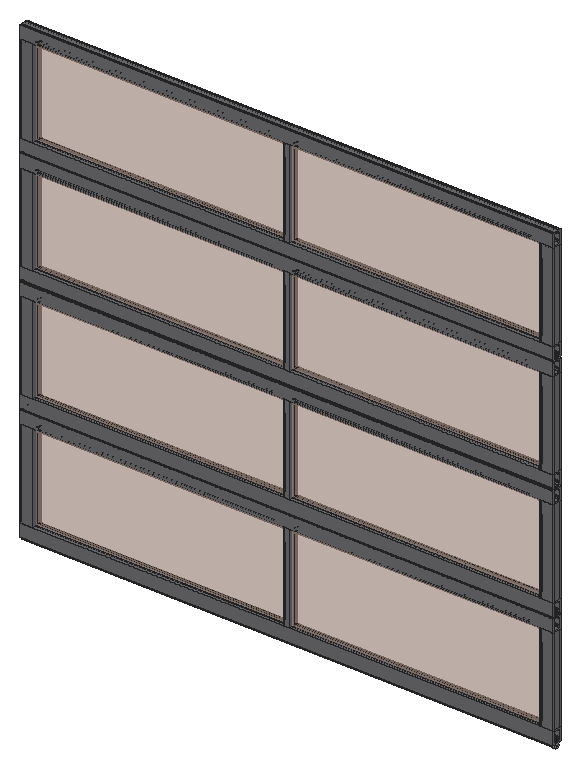
Revit family "GAS 12P CG", category Doors, host Wall, Revit 2024
Family settings
  Host = Wall
  OmniClass Number = 23.30.10.00
  OmniClass Title = Doors
  Always vertical = Yes
  Cut with Voids When Loaded = No
  Shared = No
  Room Calculation Point = No
Parameters
  Wall Opening [instance] = 2440 mm
  Function = Interior
  Frame Projection Ext. = 25 mm
  Frame Projection Int. = 25 mm
  Frame Width = 75 mm
  Height = 2135 mm
  Wall Closure = By host
  Width = 2440 mm
Reference planes
  plane 1: y = 0
  plane 2 "Center (Left/Right)": x = 0
  plane 3 "Left": x = -1220
  plane 4 "Right": x = 1220
  plane 5: z = 2135
  plane 6 "Exterior": y = 75
  plane 7 "Interior": y = -75
  plane 8 "Garage Bottom": y = 75
  plane 9 "Garage Left": x = 1250
  plane 10 "Garage Right": x = -1250
  plane 11 "Garage Top": z = 2170
  plane 12: y = -115
Forms (mm)
  Extrusion 1, solid, material "ALUMINIUM CHAR (TEST)"
    sketch origin (0, -40.1, 2189.909) x (0, -1, 0) y (0, 0, -1)
      loop
        line (75, 2170) -> (75, 2110) -> (85, 2110) -> (85, 2110.993) -> (83.5, 2111.395) -> (83.5, 2112.6) -> (101.75, 2112.6) -> (101.75, 2111.307) -> (99, 2111.066) -> (99, 2110) -> (119, 2110) -> (119, 2170) -> (115.1, 2170) -> (115.1, 2168.2) -> (117.2, 2168.2) -> (117.2, 2166.2) -> (109.1, 2166.2) -> (109.1, 2168.2) -> (111.1, 2168.2) -> (111.1, 2170) -> (82.9, 2170) -> (82.9, 2168.2) -> (84.9, 2168.2) -> (84.9, 2166.2) -> (76.8, 2166.2) -> (76.8, 2168.2) -> (78.9, 2168.2) -> (78.9, 2170) -> (75, 2170)
      loop
        line (117.25, 2157.453) -> (117.25, 2164.6) -> (107.3, 2164.6) -> (107.3, 2168.2) -> (86.7, 2168.2) -> (86.7, 2164.6) -> (76.75, 2164.6) -> (76.75, 2157.453) -> (77.3, 2156.5) -> (77.3, 2153.5) -> (76.75, 2152.547) -> (76.75, 2127.253) -> (77.3, 2126.3) -> (77.3, 2123.3) -> (76.75, 2122.347) -> (76.75, 2111.8) -> (81.7, 2111.8) -> (81.7, 2114.4) -> (103.55, 2114.4) -> (103.55, 2111.8) -> (117.25, 2111.8) -> (117.25, 2122.347) -> (116.7, 2123.3) -> (116.7, 2126.3) -> (117.25, 2127.253) -> (117.25, 2152.547) -> (116.7, 2153.5) -> (116.7, 2156.5) -> (117.25, 2157.453)
      loop
        line (75, 19.909) -> (78.9, 19.909) -> (78.9, 21.709) -> (76.8, 21.709) -> (76.8, 23.709) -> (84.9, 23.709) -> (84.9, 21.709) -> (82.9, 21.709) -> (82.9, 19.909) -> (111.1, 19.909) -> (111.1, 21.709) -> (109.1, 21.709) -> (109.1, 23.709) -> (117.2, 23.709) -> (117.2, 21.709) -> (115.1, 21.709) -> (115.1, 19.909) -> (119, 19.909) -> (119, 79.909) -> (99, 79.909) -> (99, 78.843) -> (101.75, 78.602) -> (101.75, 77.309) -> (83.5, 77.309) -> (83.5, 78.514) -> (85, 78.916) -> (85, 79.909) -> (75, 79.909) -> (75, 19.909)
      loop
        line (117.25, 32.456) -> (116.7, 33.409) -> (116.7, 36.409) -> (117.25, 37.361) -> (117.25, 62.656) -> (116.7, 63.609) -> (116.7, 66.609) -> (117.25, 67.561) -> (117.25, 78.109) -> (103.55, 78.109) -> (103.55, 75.509) -> (81.7, 75.509) -> (81.7, 78.109) -> (76.75, 78.109) -> (76.75, 67.561) -> (77.3, 66.609) -> (77.3, 63.609) -> (76.75, 62.656) -> (76.75, 37.361) -> (77.3, 36.409) -> (77.3, 33.409) -> (76.75, 32.456) -> (76.75, 25.309) -> (86.7, 25.309) -> (86.7, 21.709) -> (107.3, 21.709) -> (107.3, 25.309) -> (117.25, 25.309) -> (117.25, 32.456)
    from -1250 to 1250
  Extrusion 2, solid, material "ALUMINIUM CHAR (TEST)"
    sketch origin (0, -40.1, 3811.454) x (0, -1, 0) y (0, 0, -1)
      loop
        line (75, 3258.454) -> (78.9, 3258.454) -> (78.9, 3260.254) -> (76.8, 3260.254) -> (76.8, 3262.254) -> (84.9, 3262.254) -> (84.9, 3260.254) -> (82.9, 3260.254) -> (82.9, 3258.454) -> (111.1, 3258.454) -> (111.1, 3260.254) -> (109.1, 3260.254) -> (109.1, 3262.254) -> (117.2, 3262.254) -> (117.2, 3260.254) -> (115.1, 3260.254) -> (115.1, 3258.454) -> (119, 3258.454) -> (119, 3318.454) -> (99, 3318.454) -> (99, 3317.388) -> (101.75, 3317.148) -> (101.75, 3315.854) -> (83.5, 3315.854) -> (83.5, 3317.06) -> (85, 3317.461) -> (85, 3318.454) -> (75, 3318.454) -> (75, 3258.454)
      loop
        line (117.25, 3271.002) -> (116.7, 3271.954) -> (116.7, 3274.954) -> (117.25, 3275.907) -> (117.25, 3301.202) -> (116.7, 3302.154) -> (116.7, 3305.154) -> (117.25, 3306.107) -> (117.25, 3316.654) -> (103.55, 3316.654) -> (103.55, 3314.054) -> (81.7, 3314.054) -> (81.7, 3316.654) -> (76.75, 3316.654) -> (76.75, 3306.107) -> (77.3, 3305.154) -> (77.3, 3302.154) -> (76.75, 3301.202) -> (76.75, 3275.907) -> (77.3, 3274.954) -> (77.3, 3271.954) -> (76.75, 3271.002) -> (76.75, 3263.854) -> (86.7, 3263.854) -> (86.7, 3260.254) -> (107.3, 3260.254) -> (107.3, 3263.854) -> (117.25, 3263.854) -> (117.25, 3271.002)
      loop
        line (75, 3252.454) -> (75, 3192.454) -> (85, 3192.454) -> (85, 3193.447) -> (83.5, 3193.849) -> (83.5, 3195.054) -> (101.75, 3195.054) -> (101.75, 3193.761) -> (99, 3193.52) -> (99, 3192.454) -> (119, 3192.454) -> (119, 3252.454) -> (115.1, 3252.454) -> (115.1, 3250.654) -> (117.2, 3250.654) -> (117.2, 3248.654) -> (109.1, 3248.654) -> (109.1, 3250.654) -> (111.1, 3250.654) -> (111.1, 3252.454) -> (82.9, 3252.454) -> (82.9, 3250.654) -> (84.9, 3250.654) -> (84.9, 3248.654) -> (76.8, 3248.654) -> (76.8, 3250.654) -> (78.9, 3250.654) -> (78.9, 3252.454) -> (75, 3252.454)
      loop
        line (117.25, 3239.907) -> (117.25, 3247.054) -> (107.3, 3247.054) -> (107.3, 3250.654) -> (86.7, 3250.654) -> (86.7, 3247.054) -> (76.75, 3247.054) -> (76.75, 3239.907) -> (77.3, 3238.954) -> (77.3, 3235.954) -> (76.75, 3235.002) -> (76.75, 3209.707) -> (77.3, 3208.754) -> (77.3, 3205.754) -> (76.75, 3204.802) -> (76.75, 3194.254) -> (81.7, 3194.254) -> (81.7, 3196.854) -> (103.55, 3196.854) -> (103.55, 3194.254) -> (117.25, 3194.254) -> (117.25, 3204.802) -> (116.7, 3205.754) -> (116.7, 3208.754) -> (117.25, 3209.707) -> (117.25, 3235.002) -> (116.7, 3235.954) -> (116.7, 3238.954) -> (117.25, 3239.907)
      loop
        line (75, 2719.454) -> (78.9, 2719.454) -> (78.9, 2721.254) -> (76.8, 2721.254) -> (76.8, 2723.254) -> (84.9, 2723.254) -> (84.9, 2721.254) -> (82.9, 2721.254) -> (82.9, 2719.454) -> (111.1, 2719.454) -> (111.1, 2721.254) -> (109.1, 2721.254) -> (109.1, 2723.254) -> (117.2, 2723.254) -> (117.2, 2721.254) -> (115.1, 2721.254) -> (115.1, 2719.454) -> (119, 2719.454) -> (119, 2779.454) -> (99, 2779.454) -> (99, 2778.388) -> (101.75, 2778.148) -> (101.75, 2776.854) -> (83.5, 2776.854) -> (83.5, 2778.06) -> (85, 2778.461) -> (85, 2779.454) -> (75, 2779.454) -> (75, 2719.454)
      loop
        line (117.25, 2732.002) -> (116.7, 2732.954) -> (116.7, 2735.954) -> (117.25, 2736.907) -> (117.25, 2762.202) -> (116.7, 2763.154) -> (116.7, 2766.154) -> (117.25, 2767.107) -> (117.25, 2777.654) -> (103.55, 2777.654) -> (103.55, 2775.054) -> (81.7, 2775.054) -> (81.7, 2777.654) -> (76.75, 2777.654) -> (76.75, 2767.107) -> (77.3, 2766.154) -> (77.3, 2763.154) -> (76.75, 2762.202) -> (76.75, 2736.907) -> (77.3, 2735.954) -> (77.3, 2732.954) -> (76.75, 2732.002) -> (76.75, 2724.854) -> (86.7, 2724.854) -> (86.7, 2721.254) -> (107.3, 2721.254) -> (107.3, 2724.854) -> (117.25, 2724.854) -> (117.25, 2732.002)
      loop
        line (75, 2713.454) -> (75, 2653.454) -> (85, 2653.454) -> (85, 2654.447) -> (83.5, 2654.849) -> (83.5, 2656.054) -> (101.75, 2656.054) -> (101.75, 2654.761) -> (99, 2654.52) -> (99, 2653.454) -> (119, 2653.454) -> (119, 2713.454) -> (115.1, 2713.454) -> (115.1, 2711.654) -> (117.2, 2711.654) -> (117.2, 2709.654) -> (109.1, 2709.654) -> (109.1, 2711.654) -> (111.1, 2711.654) -> (111.1, 2713.454) -> (82.9, 2713.454) -> (82.9, 2711.654) -> (84.9, 2711.654) -> (84.9, 2709.654) -> (76.8, 2709.654) -> (76.8, 2711.654) -> (78.9, 2711.654) -> (78.9, 2713.454) -> (75, 2713.454)
      loop
        line (117.25, 2700.907) -> (117.25, 2708.054) -> (107.3, 2708.054) -> (107.3, 2711.654) -> (86.7, 2711.654) -> (86.7, 2708.054) -> (76.75, 2708.054) -> (76.75, 2700.907) -> (77.3, 2699.954) -> (77.3, 2696.954) -> (76.75, 2696.002) -> (76.75, 2670.707) -> (77.3, 2669.754) -> (77.3, 2666.754) -> (76.75, 2665.802) -> (76.75, 2655.254) -> (81.7, 2655.254) -> (81.7, 2657.854) -> (103.55, 2657.854) -> (103.55, 2655.254) -> (117.25, 2655.254) -> (117.25, 2665.802) -> (116.7, 2666.754) -> (116.7, 2669.754) -> (117.25, 2670.707) -> (117.25, 2696.002) -> (116.7, 2696.954) -> (116.7, 2699.954) -> (117.25, 2700.907)
      loop
        line (75, 2180.454) -> (78.9, 2180.454) -> (78.9, 2182.254) -> (76.8, 2182.254) -> (76.8, 2184.254) -> (84.9, 2184.254) -> (84.9, 2182.254) -> (82.9, 2182.254) -> (82.9, 2180.454) -> (111.1, 2180.454) -> (111.1, 2182.254) -> (109.1, 2182.254) -> (109.1, 2184.254) -> (117.2, 2184.254) -> (117.2, 2182.254) -> (115.1, 2182.254) -> (115.1, 2180.454) -> (119, 2180.454) -> (119, 2240.454) -> (99, 2240.454) -> (99, 2239.388) -> (101.75, 2239.148) -> (101.75, 2237.854) -> (83.5, 2237.854) -> (83.5, 2239.06) -> (85, 2239.461) -> (85, 2240.454) -> (75, 2240.454) -> (75, 2180.454)
      loop
        line (117.25, 2193.002) -> (116.7, 2193.954) -> (116.7, 2196.954) -> (117.25, 2197.907) -> (117.25, 2223.202) -> (116.7, 2224.154) -> (116.7, 2227.154) -> (117.25, 2228.107) -> (117.25, 2238.654) -> (103.55, 2238.654) -> (103.55, 2236.054) -> (81.7, 2236.054) -> (81.7, 2238.654) -> (76.75, 2238.654) -> (76.75, 2228.107) -> (77.3, 2227.154) -> (77.3, 2224.154) -> (76.75, 2223.202) -> (76.75, 2197.907) -> (77.3, 2196.954) -> (77.3, 2193.954) -> (76.75, 2193.002) -> (76.75, 2185.854) -> (86.7, 2185.854) -> (86.7, 2182.254) -> (107.3, 2182.254) -> (107.3, 2185.854) -> (117.25, 2185.854) -> (117.25, 2193.002)
      loop
        line (75, 2174.454) -> (75, 2114.454) -> (85, 2114.454) -> (85, 2115.447) -> (83.5, 2115.849) -> (83.5, 2117.054) -> (101.75, 2117.054) -> (101.75, 2115.761) -> (99, 2115.52) -> (99, 2114.454) -> (119, 2114.454) -> (119, 2174.454) -> (115.1, 2174.454) -> (115.1, 2172.654) -> (117.2, 2172.654) -> (117.2, 2170.654) -> (109.1, 2170.654) -> (109.1, 2172.654) -> (111.1, 2172.654) -> (111.1, 2174.454) -> (82.9, 2174.454) -> (82.9, 2172.654) -> (84.9, 2172.654) -> (84.9, 2170.654) -> (76.8, 2170.654) -> (76.8, 2172.654) -> (78.9, 2172.654) -> (78.9, 2174.454) -> (75, 2174.454)
      loop
        line (117.25, 2161.907) -> (117.25, 2169.054) -> (107.3, 2169.054) -> (107.3, 2172.654) -> (86.7, 2172.654) -> (86.7, 2169.054) -> (76.75, 2169.054) -> (76.75, 2161.907) -> (77.3, 2160.954) -> (77.3, 2157.954) -> (76.75, 2157.002) -> (76.75, 2131.707) -> (77.3, 2130.754) -> (77.3, 2127.754) -> (76.75, 2126.802) -> (76.75, 2116.254) -> (81.7, 2116.254) -> (81.7, 2118.854) -> (103.55, 2118.854) -> (103.55, 2116.254) -> (117.25, 2116.254) -> (117.25, 2126.802) -> (116.7, 2127.754) -> (116.7, 2130.754) -> (117.25, 2131.707) -> (117.25, 2157.002) -> (116.7, 2157.954) -> (116.7, 2160.954) -> (117.25, 2161.907)
    from -1250 to 1250
  Extrusion 3, solid, material "Rubber, Natural"
    sketch origin (0, -36.1, 0) x (0, 1, 0) y (0, 0, 1)
      loop
        line (-111, 19.909) -> (-111, 16.909) -> (-106, 16.909) -> (-106, 14.004)
        spline (-106, 14.004) -> (-109.192, 11.809) -> (-110.848, 8.808) -> (-110.659, 5.562) -> (-108.66, 2.681) -> (-105.226, 0.703) -> (-101, 0) -> (-96.774, 0.703) -> (-93.34, 2.681) -> (-91.341, 5.562) -> (-91.152, 8.808) -> (-92.808, 11.809) -> (-96, 14.004)
        line (-96, 14.004) -> (-96, 16.909) -> (-91, 16.909) -> (-91, 19.909) -> (-111, 19.909)
      loop
        line (-98, 16.909) -> (-104, 16.909) -> (-104, 14.633)
        arc (-104, 14.633) -> (-101, 15.009) -> (-98, 14.633) r 12.129
        line (-98, 14.633) -> (-98, 16.909)
      loop
        spline (-101, 1.513) -> (-98.929, 1.717) -> (-97, 2.316) -> (-95.343, 3.268) -> (-94.072, 4.509) -> (-93.273, 5.954) -> (-93, 7.505) -> (-93.273, 9.055) -> (-94.072, 10.501) -> (-95.343, 11.742) -> (-97, 12.694) -> (-98.929, 13.292) -> (-101, 13.496)
        spline (-101, 13.496) -> (-103.071, 13.292) -> (-105, 12.694) -> (-106.657, 11.742) -> (-107.928, 10.501) -> (-108.727, 9.055) -> (-109, 7.505) -> (-108.727, 5.954) -> (-107.928, 4.509) -> (-106.657, 3.268) -> (-105, 2.316) -> (-103.071, 1.717) -> (-101, 1.513)
    from -1250 to 1250
  Extrusion 4, solid, material "Rubber, Natural"
    sketch origin (0, -19.95, 1625.346) x (0, 1, 0) y (0, 0, 1)
      loop
        line (-104, 14.808) -> (-104, 13.808) -> (-101.5, 13.808) -> (-101.5, 11.781)
        spline (-101.5, 11.781) -> (-102.841, 11.479) -> (-103.739, 10.888) -> (-103.978, 10.15) -> (-103.501, 9.444) -> (-102.421, 8.938) -> (-101, 8.754) -> (-99.579, 8.938) -> (-98.499, 9.444) -> (-98.022, 10.15) -> (-98.261, 10.888) -> (-99.159, 11.479) -> (-100.5, 11.781)
        line (-100.5, 11.781) -> (-100.5, 13.808) -> (-98, 13.808) -> (-98, 14.808) -> (-104, 14.808)
      loop
        line (-136.3, 14.808) -> (-136.3, 13.808) -> (-133.8, 13.808) -> (-133.8, 11.781)
        spline (-133.8, 11.781) -> (-135.141, 11.479) -> (-136.039, 10.888) -> (-136.278, 10.15) -> (-135.801, 9.444) -> (-134.721, 8.938) -> (-133.3, 8.754) -> (-131.879, 8.938) -> (-130.799, 9.444) -> (-130.322, 10.15) -> (-130.561, 10.888) -> (-131.459, 11.479) -> (-132.8, 11.781)
        line (-132.8, 11.781) -> (-132.8, 13.808) -> (-130.3, 13.808) -> (-130.3, 14.808) -> (-136.3, 14.808)
      loop
        line (-104, 2.501) -> (-98, 2.501) -> (-98, 3.501) -> (-100.5, 3.501) -> (-100.5, 5.528)
        spline (-100.5, 5.528) -> (-99.159, 5.83) -> (-98.261, 6.421) -> (-98.022, 7.158) -> (-98.499, 7.865) -> (-99.579, 8.371) -> (-101, 8.554) -> (-102.421, 8.371) -> (-103.501, 7.865) -> (-103.978, 7.158) -> (-103.739, 6.421) -> (-102.841, 5.83) -> (-101.5, 5.528)
        line (-101.5, 5.528) -> (-101.5, 3.501) -> (-104, 3.501) -> (-104, 2.501)
      loop
        line (-136.3, 2.501) -> (-130.3, 2.501) -> (-130.3, 3.501) -> (-132.8, 3.501) -> (-132.8, 5.528)
        spline (-132.8, 5.528) -> (-131.459, 5.83) -> (-130.561, 6.421) -> (-130.322, 7.158) -> (-130.799, 7.865) -> (-131.879, 8.371) -> (-133.3, 8.554) -> (-134.721, 8.371) -> (-135.801, 7.865) -> (-136.278, 7.158) -> (-136.039, 6.421) -> (-135.141, 5.83) -> (-133.8, 5.528)
        line (-133.8, 5.528) -> (-133.8, 3.501) -> (-136.3, 3.501) -> (-136.3, 2.501)
      loop
        line (-104, -524.192) -> (-104, -525.192) -> (-101.5, -525.192) -> (-101.5, -527.219)
        spline (-101.5, -527.219) -> (-102.841, -527.521) -> (-103.739, -528.112) -> (-103.978, -528.85) -> (-103.501, -529.556) -> (-102.421, -530.062) -> (-101, -530.246) -> (-99.579, -530.062) -> (-98.499, -529.556) -> (-98.022, -528.85) -> (-98.261, -528.112) -> (-99.159, -527.521) -> (-100.5, -527.219)
        line (-100.5, -527.219) -> (-100.5, -525.192) -> (-98, -525.192) -> (-98, -524.192) -> (-104, -524.192)
      loop
        line (-136.3, -524.192) -> (-136.3, -525.192) -> (-133.8, -525.192) -> (-133.8, -527.219)
        spline (-133.8, -527.219) -> (-135.141, -527.521) -> (-136.039, -528.112) -> (-136.278, -528.85) -> (-135.801, -529.556) -> (-134.721, -530.062) -> (-133.3, -530.246) -> (-131.879, -530.062) -> (-130.799, -529.556) -> (-130.322, -528.85) -> (-130.561, -528.112) -> (-131.459, -527.521) -> (-132.8, -527.219)
        line (-132.8, -527.219) -> (-132.8, -525.192) -> (-130.3, -525.192) -> (-130.3, -524.192) -> (-136.3, -524.192)
      loop
        line (-104, -536.499) -> (-98, -536.499) -> (-98, -535.499) -> (-100.5, -535.499) -> (-100.5, -533.472)
        spline (-100.5, -533.472) -> (-99.159, -533.17) -> (-98.261, -532.579) -> (-98.022, -531.842) -> (-98.499, -531.135) -> (-99.579, -530.629) -> (-101, -530.446) -> (-102.421, -530.629) -> (-103.501, -531.135) -> (-103.978, -531.842) -> (-103.739, -532.579) -> (-102.841, -533.17) -> (-101.5, -533.472)
        line (-101.5, -533.472) -> (-101.5, -535.499) -> (-104, -535.499) -> (-104, -536.499)
      loop
        line (-136.3, -536.499) -> (-130.3, -536.499) -> (-130.3, -535.499) -> (-132.8, -535.499) -> (-132.8, -533.472)
        spline (-132.8, -533.472) -> (-131.459, -533.17) -> (-130.561, -532.579) -> (-130.322, -531.842) -> (-130.799, -531.135) -> (-131.879, -530.629) -> (-133.3, -530.446) -> (-134.721, -530.629) -> (-135.801, -531.135) -> (-136.278, -531.842) -> (-136.039, -532.579) -> (-135.141, -533.17) -> (-133.8, -533.472)
        line (-133.8, -533.472) -> (-133.8, -535.499) -> (-136.3, -535.499) -> (-136.3, -536.499)
      loop
        line (-104, -1063.192) -> (-104, -1064.192) -> (-101.5, -1064.192) -> (-101.5, -1066.219)
        spline (-101.5, -1066.219) -> (-102.841, -1066.521) -> (-103.739, -1067.112) -> (-103.978, -1067.85) -> (-103.501, -1068.556) -> (-102.421, -1069.062) -> (-101, -1069.246) -> (-99.579, -1069.062) -> (-98.499, -1068.556) -> (-98.022, -1067.85) -> (-98.261, -1067.112) -> (-99.159, -1066.521) -> (-100.5, -1066.219)
        line (-100.5, -1066.219) -> (-100.5, -1064.192) -> (-98, -1064.192) -> (-98, -1063.192) -> (-104, -1063.192)
      loop
        line (-136.3, -1063.192) -> (-136.3, -1064.192) -> (-133.8, -1064.192) -> (-133.8, -1066.219)
        spline (-133.8, -1066.219) -> (-135.141, -1066.521) -> (-136.039, -1067.112) -> (-136.278, -1067.85) -> (-135.801, -1068.556) -> (-134.721, -1069.062) -> (-133.3, -1069.246) -> (-131.879, -1069.062) -> (-130.799, -1068.556) -> (-130.322, -1067.85) -> (-130.561, -1067.112) -> (-131.459, -1066.521) -> (-132.8, -1066.219)
        line (-132.8, -1066.219) -> (-132.8, -1064.192) -> (-130.3, -1064.192) -> (-130.3, -1063.192) -> (-136.3, -1063.192)
      loop
        line (-104, -1075.499) -> (-98, -1075.499) -> (-98, -1074.499) -> (-100.5, -1074.499) -> (-100.5, -1072.472)
        spline (-100.5, -1072.472) -> (-99.159, -1072.17) -> (-98.261, -1071.579) -> (-98.022, -1070.842) -> (-98.499, -1070.135) -> (-99.579, -1069.629) -> (-101, -1069.446) -> (-102.421, -1069.629) -> (-103.501, -1070.135) -> (-103.978, -1070.842) -> (-103.739, -1071.579) -> (-102.841, -1072.17) -> (-101.5, -1072.472)
        line (-101.5, -1072.472) -> (-101.5, -1074.499) -> (-104, -1074.499) -> (-104, -1075.499)
      loop
        line (-136.3, -1075.499) -> (-130.3, -1075.499) -> (-130.3, -1074.499) -> (-132.8, -1074.499) -> (-132.8, -1072.472)
        spline (-132.8, -1072.472) -> (-131.459, -1072.17) -> (-130.561, -1071.579) -> (-130.322, -1070.842) -> (-130.799, -1070.135) -> (-131.879, -1069.629) -> (-133.3, -1069.446) -> (-134.721, -1069.629) -> (-135.801, -1070.135) -> (-136.278, -1070.842) -> (-136.039, -1071.579) -> (-135.141, -1072.17) -> (-133.8, -1072.472)
        line (-133.8, -1072.472) -> (-133.8, -1074.499) -> (-136.3, -1074.499) -> (-136.3, -1075.499)
    from -1250 to 1250
  Extrusion 5, solid, material "ALUMINIUM CHAR (TEST)"
    sketch origin (2744.172, 259.9, 1153.454) x (1, 0, 0) y (0, 1, 0)
      loop
        line (-3934.172, -375) -> (-3994.172, -375) -> (-3994.172, -378.9) -> (-3992.372, -378.9) -> (-3992.372, -376.8) -> (-3990.372, -376.8) -> (-3990.372, -384.9) -> (-3992.372, -384.9) -> (-3992.372, -382.9) -> (-3994.172, -382.9) -> (-3994.172, -411.1) -> (-3992.372, -411.1) -> (-3992.372, -409.1) -> (-3990.372, -409.1) -> (-3990.372, -417.2) -> (-3992.372, -417.2) -> (-3992.372, -415.1) -> (-3994.172, -415.1) -> (-3994.172, -419) -> (-3934.172, -419) -> (-3934.172, -399) -> (-3935.238, -399) -> (-3935.479, -401.75) -> (-3936.772, -401.75) -> (-3936.772, -383.5) -> (-3935.567, -383.5) -> (-3935.165, -385) -> (-3934.172, -385) -> (-3934.172, -375)
      loop
        line (-3988.772, -376.75) -> (-3988.772, -386.7) -> (-3992.372, -386.7) -> (-3992.372, -407.3) -> (-3988.772, -407.3) -> (-3988.772, -417.25) -> (-3981.625, -417.25) -> (-3980.672, -416.7) -> (-3977.672, -416.7) -> (-3976.72, -417.25) -> (-3951.425, -417.25) -> (-3950.472, -416.7) -> (-3947.472, -416.7) -> (-3946.52, -417.25) -> (-3935.972, -417.25) -> (-3935.972, -403.55) -> (-3938.572, -403.55) -> (-3938.572, -381.7) -> (-3935.972, -381.7) -> (-3935.972, -376.75) -> (-3946.52, -376.75) -> (-3947.472, -377.3) -> (-3950.472, -377.3) -> (-3951.425, -376.75) -> (-3976.72, -376.75) -> (-3977.672, -377.3) -> (-3980.672, -377.3) -> (-3981.625, -376.75) -> (-3988.772, -376.75)
      loop
        line (-1554.172, -375) -> (-1554.172, -385) -> (-1553.179, -385) -> (-1552.777, -383.5) -> (-1551.572, -383.5) -> (-1551.572, -401.75) -> (-1552.866, -401.75) -> (-1553.106, -399) -> (-1554.172, -399) -> (-1554.172, -419) -> (-1494.172, -419) -> (-1494.172, -415.1) -> (-1495.972, -415.1) -> (-1495.972, -417.2) -> (-1497.972, -417.2) -> (-1497.972, -409.1) -> (-1495.972, -409.1) -> (-1495.972, -411.1) -> (-1494.172, -411.1) -> (-1494.172, -382.9) -> (-1495.972, -382.9) -> (-1495.972, -384.9) -> (-1497.972, -384.9) -> (-1497.972, -376.8) -> (-1495.972, -376.8) -> (-1495.972, -378.9) -> (-1494.172, -378.9) -> (-1494.172, -375) -> (-1554.172, -375)
      loop
        line (-1507.672, -377.3) -> (-1510.672, -377.3) -> (-1511.625, -376.75) -> (-1536.92, -376.75) -> (-1537.872, -377.3) -> (-1540.872, -377.3) -> (-1541.825, -376.75) -> (-1552.372, -376.75) -> (-1552.372, -381.7) -> (-1549.772, -381.7) -> (-1549.772, -403.55) -> (-1552.372, -403.55) -> (-1552.372, -417.25) -> (-1541.825, -417.25) -> (-1540.872, -416.7) -> (-1537.872, -416.7) -> (-1536.92, -417.25) -> (-1511.625, -417.25) -> (-1510.672, -416.7) -> (-1507.672, -416.7) -> (-1506.72, -417.25) -> (-1499.572, -417.25) -> (-1499.572, -407.3) -> (-1495.972, -407.3) -> (-1495.972, -386.7) -> (-1499.572, -386.7) -> (-1499.572, -376.75) -> (-1506.72, -376.75) -> (-1507.672, -377.3)
      loop
        line (-2729.172, -375) -> (-2759.172, -375) -> (-2759.172, -385) -> (-2758.179, -385) -> (-2757.777, -383.5) -> (-2756.572, -383.5) -> (-2756.572, -401.75) -> (-2757.866, -401.75) -> (-2758.106, -399) -> (-2759.172, -399) -> (-2759.172, -419) -> (-2729.172, -419) -> (-2729.172, -399) -> (-2730.238, -399) -> (-2730.479, -401.75) -> (-2731.772, -401.75) -> (-2731.772, -383.5) -> (-2730.567, -383.5) -> (-2730.165, -385) -> (-2729.172, -385) -> (-2729.172, -375)
      loop
        line (-2757.372, -376.75) -> (-2757.372, -381.7) -> (-2754.772, -381.7) -> (-2754.772, -403.55) -> (-2757.372, -403.55) -> (-2757.372, -417.25) -> (-2730.972, -417.25) -> (-2730.972, -403.55) -> (-2733.572, -403.55) -> (-2733.572, -381.7) -> (-2730.972, -381.7) -> (-2730.972, -376.75) -> (-2757.372, -376.75)
    from 4.546 to 417.546
  Extrusion 6, solid, material "ALUMINIUM CHAR (TEST)"
    sketch origin (2744.172, 259.9, 612.954) x (1, 0, 0) y (0, 1, 0)
      loop
        line (-3934.172, -375) -> (-3994.172, -375) -> (-3994.172, -378.9) -> (-3992.372, -378.9) -> (-3992.372, -376.8) -> (-3990.372, -376.8) -> (-3990.372, -384.9) -> (-3992.372, -384.9) -> (-3992.372, -382.9) -> (-3994.172, -382.9) -> (-3994.172, -411.1) -> (-3992.372, -411.1) -> (-3992.372, -409.1) -> (-3990.372, -409.1) -> (-3990.372, -417.2) -> (-3992.372, -417.2) -> (-3992.372, -415.1) -> (-3994.172, -415.1) -> (-3994.172, -419) -> (-3934.172, -419) -> (-3934.172, -399) -> (-3935.238, -399) -> (-3935.479, -401.75) -> (-3936.772, -401.75) -> (-3936.772, -383.5) -> (-3935.567, -383.5) -> (-3935.165, -385) -> (-3934.172, -385) -> (-3934.172, -375)
      loop
        line (-3988.772, -376.75) -> (-3988.772, -386.7) -> (-3992.372, -386.7) -> (-3992.372, -407.3) -> (-3988.772, -407.3) -> (-3988.772, -417.25) -> (-3981.625, -417.25) -> (-3980.672, -416.7) -> (-3977.672, -416.7) -> (-3976.72, -417.25) -> (-3951.425, -417.25) -> (-3950.472, -416.7) -> (-3947.472, -416.7) -> (-3946.52, -417.25) -> (-3935.972, -417.25) -> (-3935.972, -403.55) -> (-3938.572, -403.55) -> (-3938.572, -381.7) -> (-3935.972, -381.7) -> (-3935.972, -376.75) -> (-3946.52, -376.75) -> (-3947.472, -377.3) -> (-3950.472, -377.3) -> (-3951.425, -376.75) -> (-3976.72, -376.75) -> (-3977.672, -377.3) -> (-3980.672, -377.3) -> (-3981.625, -376.75) -> (-3988.772, -376.75)
      loop
        line (-1554.172, -375) -> (-1554.172, -385) -> (-1553.179, -385) -> (-1552.777, -383.5) -> (-1551.572, -383.5) -> (-1551.572, -401.75) -> (-1552.866, -401.75) -> (-1553.106, -399) -> (-1554.172, -399) -> (-1554.172, -419) -> (-1494.172, -419) -> (-1494.172, -415.1) -> (-1495.972, -415.1) -> (-1495.972, -417.2) -> (-1497.972, -417.2) -> (-1497.972, -409.1) -> (-1495.972, -409.1) -> (-1495.972, -411.1) -> (-1494.172, -411.1) -> (-1494.172, -382.9) -> (-1495.972, -382.9) -> (-1495.972, -384.9) -> (-1497.972, -384.9) -> (-1497.972, -376.8) -> (-1495.972, -376.8) -> (-1495.972, -378.9) -> (-1494.172, -378.9) -> (-1494.172, -375) -> (-1554.172, -375)
      loop
        line (-1507.672, -377.3) -> (-1510.672, -377.3) -> (-1511.625, -376.75) -> (-1536.92, -376.75) -> (-1537.872, -377.3) -> (-1540.872, -377.3) -> (-1541.825, -376.75) -> (-1552.372, -376.75) -> (-1552.372, -381.7) -> (-1549.772, -381.7) -> (-1549.772, -403.55) -> (-1552.372, -403.55) -> (-1552.372, -417.25) -> (-1541.825, -417.25) -> (-1540.872, -416.7) -> (-1537.872, -416.7) -> (-1536.92, -417.25) -> (-1511.625, -417.25) -> (-1510.672, -416.7) -> (-1507.672, -416.7) -> (-1506.72, -417.25) -> (-1499.572, -417.25) -> (-1499.572, -407.3) -> (-1495.972, -407.3) -> (-1495.972, -386.7) -> (-1499.572, -386.7) -> (-1499.572, -376.75) -> (-1506.72, -376.75) -> (-1507.672, -377.3)
      loop
        line (-2729.172, -375) -> (-2759.172, -375) -> (-2759.172, -385) -> (-2758.179, -385) -> (-2757.777, -383.5) -> (-2756.572, -383.5) -> (-2756.572, -401.75) -> (-2757.866, -401.75) -> (-2758.106, -399) -> (-2759.172, -399) -> (-2759.172, -419) -> (-2729.172, -419) -> (-2729.172, -399) -> (-2730.238, -399) -> (-2730.479, -401.75) -> (-2731.772, -401.75) -> (-2731.772, -383.5) -> (-2730.567, -383.5) -> (-2730.165, -385) -> (-2729.172, -385) -> (-2729.172, -375)
      loop
        line (-2757.372, -376.75) -> (-2757.372, -381.7) -> (-2754.772, -381.7) -> (-2754.772, -403.55) -> (-2757.372, -403.55) -> (-2757.372, -417.25) -> (-2730.972, -417.25) -> (-2730.972, -403.55) -> (-2733.572, -403.55) -> (-2733.572, -381.7) -> (-2730.972, -381.7) -> (-2730.972, -376.75) -> (-2757.372, -376.75)
    from 6.046 to 419.046
  Extrusion 7, solid, material "ALUMINIUM CHAR (TEST)"
    sketch origin (2744.172, 259.9, 72.454) x (1, 0, 0) y (0, 1, 0)
      loop
        line (-3934.172, -375) -> (-3994.172, -375) -> (-3994.172, -378.9) -> (-3992.372, -378.9) -> (-3992.372, -376.8) -> (-3990.372, -376.8) -> (-3990.372, -384.9) -> (-3992.372, -384.9) -> (-3992.372, -382.9) -> (-3994.172, -382.9) -> (-3994.172, -411.1) -> (-3992.372, -411.1) -> (-3992.372, -409.1) -> (-3990.372, -409.1) -> (-3990.372, -417.2) -> (-3992.372, -417.2) -> (-3992.372, -415.1) -> (-3994.172, -415.1) -> (-3994.172, -419) -> (-3934.172, -419) -> (-3934.172, -399) -> (-3935.238, -399) -> (-3935.479, -401.75) -> (-3936.772, -401.75) -> (-3936.772, -383.5) -> (-3935.567, -383.5) -> (-3935.165, -385) -> (-3934.172, -385) -> (-3934.172, -375)
      loop
        line (-3988.772, -376.75) -> (-3988.772, -386.7) -> (-3992.372, -386.7) -> (-3992.372, -407.3) -> (-3988.772, -407.3) -> (-3988.772, -417.25) -> (-3981.625, -417.25) -> (-3980.672, -416.7) -> (-3977.672, -416.7) -> (-3976.72, -417.25) -> (-3951.425, -417.25) -> (-3950.472, -416.7) -> (-3947.472, -416.7) -> (-3946.52, -417.25) -> (-3935.972, -417.25) -> (-3935.972, -403.55) -> (-3938.572, -403.55) -> (-3938.572, -381.7) -> (-3935.972, -381.7) -> (-3935.972, -376.75) -> (-3946.52, -376.75) -> (-3947.472, -377.3) -> (-3950.472, -377.3) -> (-3951.425, -376.75) -> (-3976.72, -376.75) -> (-3977.672, -377.3) -> (-3980.672, -377.3) -> (-3981.625, -376.75) -> (-3988.772, -376.75)
      loop
        line (-1554.172, -375) -> (-1554.172, -385) -> (-1553.179, -385) -> (-1552.777, -383.5) -> (-1551.572, -383.5) -> (-1551.572, -401.75) -> (-1552.866, -401.75) -> (-1553.106, -399) -> (-1554.172, -399) -> (-1554.172, -419) -> (-1494.172, -419) -> (-1494.172, -415.1) -> (-1495.972, -415.1) -> (-1495.972, -417.2) -> (-1497.972, -417.2) -> (-1497.972, -409.1) -> (-1495.972, -409.1) -> (-1495.972, -411.1) -> (-1494.172, -411.1) -> (-1494.172, -382.9) -> (-1495.972, -382.9) -> (-1495.972, -384.9) -> (-1497.972, -384.9) -> (-1497.972, -376.8) -> (-1495.972, -376.8) -> (-1495.972, -378.9) -> (-1494.172, -378.9) -> (-1494.172, -375) -> (-1554.172, -375)
      loop
        line (-1507.672, -377.3) -> (-1510.672, -377.3) -> (-1511.625, -376.75) -> (-1536.92, -376.75) -> (-1537.872, -377.3) -> (-1540.872, -377.3) -> (-1541.825, -376.75) -> (-1552.372, -376.75) -> (-1552.372, -381.7) -> (-1549.772, -381.7) -> (-1549.772, -403.55) -> (-1552.372, -403.55) -> (-1552.372, -417.25) -> (-1541.825, -417.25) -> (-1540.872, -416.7) -> (-1537.872, -416.7) -> (-1536.92, -417.25) -> (-1511.625, -417.25) -> (-1510.672, -416.7) -> (-1507.672, -416.7) -> (-1506.72, -417.25) -> (-1499.572, -417.25) -> (-1499.572, -407.3) -> (-1495.972, -407.3) -> (-1495.972, -386.7) -> (-1499.572, -386.7) -> (-1499.572, -376.75) -> (-1506.72, -376.75) -> (-1507.672, -377.3)
      loop
        line (-2729.172, -375) -> (-2759.172, -375) -> (-2759.172, -385) -> (-2758.179, -385) -> (-2757.777, -383.5) -> (-2756.572, -383.5) -> (-2756.572, -401.75) -> (-2757.866, -401.75) -> (-2758.106, -399) -> (-2759.172, -399) -> (-2759.172, -419) -> (-2729.172, -419) -> (-2729.172, -399) -> (-2730.238, -399) -> (-2730.479, -401.75) -> (-2731.772, -401.75) -> (-2731.772, -383.5) -> (-2730.567, -383.5) -> (-2730.165, -385) -> (-2729.172, -385) -> (-2729.172, -375)
      loop
        line (-2757.372, -376.75) -> (-2757.372, -381.7) -> (-2754.772, -381.7) -> (-2754.772, -403.55) -> (-2757.372, -403.55) -> (-2757.372, -417.25) -> (-2730.972, -417.25) -> (-2730.972, -403.55) -> (-2733.572, -403.55) -> (-2733.572, -381.7) -> (-2730.972, -381.7) -> (-2730.972, -376.75) -> (-2757.372, -376.75)
    from 7.454 to 420.546
  Extrusion 8, solid, material "ALUMINIUM CHAR (TEST)"
    sketch origin (2744.172, 259.9, 1182.754) x (1, 0, 0) y (0, 1, 0)
      loop
        line (-3934.172, -375) -> (-3994.172, -375) -> (-3994.172, -378.9) -> (-3992.372, -378.9) -> (-3992.372, -376.8) -> (-3990.372, -376.8) -> (-3990.372, -384.9) -> (-3992.372, -384.9) -> (-3992.372, -382.9) -> (-3994.172, -382.9) -> (-3994.172, -411.1) -> (-3992.372, -411.1) -> (-3992.372, -409.1) -> (-3990.372, -409.1) -> (-3990.372, -417.2) -> (-3992.372, -417.2) -> (-3992.372, -415.1) -> (-3994.172, -415.1) -> (-3994.172, -419) -> (-3934.172, -419) -> (-3934.172, -399) -> (-3935.238, -399) -> (-3935.479, -401.75) -> (-3936.772, -401.75) -> (-3936.772, -383.5) -> (-3935.567, -383.5) -> (-3935.165, -385) -> (-3934.172, -385) -> (-3934.172, -375)
      loop
        line (-3988.772, -376.75) -> (-3988.772, -386.7) -> (-3992.372, -386.7) -> (-3992.372, -407.3) -> (-3988.772, -407.3) -> (-3988.772, -417.25) -> (-3981.625, -417.25) -> (-3980.672, -416.7) -> (-3977.672, -416.7) -> (-3976.72, -417.25) -> (-3951.425, -417.25) -> (-3950.472, -416.7) -> (-3947.472, -416.7) -> (-3946.52, -417.25) -> (-3935.972, -417.25) -> (-3935.972, -403.55) -> (-3938.572, -403.55) -> (-3938.572, -381.7) -> (-3935.972, -381.7) -> (-3935.972, -376.75) -> (-3946.52, -376.75) -> (-3947.472, -377.3) -> (-3950.472, -377.3) -> (-3951.425, -376.75) -> (-3976.72, -376.75) -> (-3977.672, -377.3) -> (-3980.672, -377.3) -> (-3981.625, -376.75) -> (-3988.772, -376.75)
      loop
        line (-1554.172, -375) -> (-1554.172, -385) -> (-1553.179, -385) -> (-1552.777, -383.5) -> (-1551.572, -383.5) -> (-1551.572, -401.75) -> (-1552.866, -401.75) -> (-1553.106, -399) -> (-1554.172, -399) -> (-1554.172, -419) -> (-1494.172, -419) -> (-1494.172, -415.1) -> (-1495.972, -415.1) -> (-1495.972, -417.2) -> (-1497.972, -417.2) -> (-1497.972, -409.1) -> (-1495.972, -409.1) -> (-1495.972, -411.1) -> (-1494.172, -411.1) -> (-1494.172, -382.9) -> (-1495.972, -382.9) -> (-1495.972, -384.9) -> (-1497.972, -384.9) -> (-1497.972, -376.8) -> (-1495.972, -376.8) -> (-1495.972, -378.9) -> (-1494.172, -378.9) -> (-1494.172, -375) -> (-1554.172, -375)
      loop
        line (-1507.672, -377.3) -> (-1510.672, -377.3) -> (-1511.625, -376.75) -> (-1536.92, -376.75) -> (-1537.872, -377.3) -> (-1540.872, -377.3) -> (-1541.825, -376.75) -> (-1552.372, -376.75) -> (-1552.372, -381.7) -> (-1549.772, -381.7) -> (-1549.772, -403.55) -> (-1552.372, -403.55) -> (-1552.372, -417.25) -> (-1541.825, -417.25) -> (-1540.872, -416.7) -> (-1537.872, -416.7) -> (-1536.92, -417.25) -> (-1511.625, -417.25) -> (-1510.672, -416.7) -> (-1507.672, -416.7) -> (-1506.72, -417.25) -> (-1499.572, -417.25) -> (-1499.572, -407.3) -> (-1495.972, -407.3) -> (-1495.972, -386.7) -> (-1499.572, -386.7) -> (-1499.572, -376.75) -> (-1506.72, -376.75) -> (-1507.672, -377.3)
      loop
        line (-2729.172, -375) -> (-2759.172, -375) -> (-2759.172, -385) -> (-2758.179, -385) -> (-2757.777, -383.5) -> (-2756.572, -383.5) -> (-2756.572, -401.75) -> (-2757.866, -401.75) -> (-2758.106, -399) -> (-2759.172, -399) -> (-2759.172, -419) -> (-2729.172, -419) -> (-2729.172, -399) -> (-2730.238, -399) -> (-2730.479, -401.75) -> (-2731.772, -401.75) -> (-2731.772, -383.5) -> (-2730.567, -383.5) -> (-2730.165, -385) -> (-2729.172, -385) -> (-2729.172, -375)
      loop
        line (-2757.372, -376.75) -> (-2757.372, -381.7) -> (-2754.772, -381.7) -> (-2754.772, -403.55) -> (-2757.372, -403.55) -> (-2757.372, -417.25) -> (-2730.972, -417.25) -> (-2730.972, -403.55) -> (-2733.572, -403.55) -> (-2733.572, -381.7) -> (-2730.972, -381.7) -> (-2730.972, -376.75) -> (-2757.372, -376.75)
    from 514.246 to 927.246
  Sweep 9, solid, material "ALUMINIUM CHAR (TEST)"
    path origin (866.885, -68.525, 132.939) x (1, 0, 0) y (0, 0, 1)
      loop
        line (323.108, 360.061) -> (-851.885, 360.061) -> (-851.885, -53.031) -> (323.108, -53.031) -> (323.108, 360.061)
    profile origin (602.496, -68.525, 493) x (0, 0, -1) y (0, -1, 0)
      loop
        line (14.998, 68.891) -> (14.998, 69.891) -> (13.799, 69.891) -> (13.799, 69.054) -> (12.991, 69.054) -> (12.154, 69.891) -> (11.286, 69.891)
        arc (11.286, 69.891) -> (10.902, 69.429) -> (11.399, 69.091) r 0.406
        line (11.399, 69.091) -> (12.521, 67.969) -> (10.199, 65.647) -> (7.999, 67.847) -> (8.299, 69.091)
        arc (8.299, 69.091) -> (8.699, 69.491) -> (8.299, 69.891) r 0.4
        line (8.299, 69.891) -> (-1.4, 69.891) -> (-1.4, 72.391)
        arc (-1.4, 72.391) -> (-1.9, 72.891) -> (-2.4, 72.391) r 0.5
        line (-2.4, 72.391) -> (-2.4, 69.591)
        arc (-2.4, 69.591) -> (-2.165, 69.025) -> (-1.6, 68.791) r 0.8
        line (-1.6, 68.791) -> (6.899, 68.791) -> (6.899, 67.391) -> (9.421, 64.869) -> (1.1, 56.548) -> (1.1, 57.492)
        arc (1.1, 57.492) -> (0.953, 57.846) -> (0.6, 57.992) r 0.5
        line (0.6, 57.992) -> (-1.9, 57.992)
        arc (-1.9, 57.992) -> (-2.295, 57.799) -> (-2.384, 57.368) r 0.5
        arc (-2.384, 57.368) -> (-2.167, 56.551) -> (-1.4, 56.192) r 1
        line (-1.4, 56.192) -> (-0.833, 56.892) -> (0, 56.892) -> (0, 54.893)
        arc (0, 54.893) -> (0.333, 54.559) -> (0.788, 54.681) r 0.471
        line (0.788, 54.681) -> (14.998, 68.891)
  Extrusion 10, solid, material "FROSTED BRONZE GLASS"
    sketch origin (-335.5, -147.287, -1509.546) x (0, 1, 0) y (0, 0, -1)
      loop
        line (8.871, -2002.546) -> (8.871, -1589.454) -> (2.871, -1589.454) -> (2.871, -2002.546) -> (8.871, -2002.546)
    from -320.5 to 854.5
  Extrusion 11, solid, material "FROSTED BRONZE GLASS"
    sketch origin (-335.5, -147.287, -970.546) x (0, 1, 0) y (0, 0, -1)
      loop
        line (8.871, -2002.546) -> (8.871, -1589.546) -> (2.871, -1589.546) -> (2.871, -2002.546) -> (8.871, -2002.546)
    from -320.5 to 854.5
  Extrusion 12, solid, material "FROSTED BRONZE GLASS"
    sketch origin (-335.5, -147.287, -431.546) x (0, 1, 0) y (0, 0, -1)
      loop
        line (8.871, -2002.546) -> (8.871, -1589.546) -> (2.871, -1589.546) -> (2.871, -2002.546) -> (8.871, -2002.546)
    from -320.5 to 854.5
  Extrusion 13, solid, material "FROSTED BRONZE GLASS"
    sketch origin (-335.5, -147.287, 107.454) x (0, 1, 0) y (0, 0, -1)
      loop
        line (8.871, -2002.546) -> (8.871, -1589.546) -> (2.871, -1589.546) -> (2.871, -2002.546) -> (8.871, -2002.546)
    from -320.5 to 854.5
  Extrusion 14, solid, material "FROSTED BRONZE GLASS"
    sketch origin (335.5, -147.287, -1509.546) x (0, 1, 0) y (0, 0, 1)
      loop
        line (8.871, 2002.546) -> (2.871, 2002.546) -> (2.871, 1589.454) -> (8.871, 1589.454) -> (8.871, 2002.546)
    from -320.5 to 854.5
  Extrusion 15, solid, material "FROSTED BRONZE GLASS"
    sketch origin (335.5, -147.287, -970.546) x (0, 1, 0) y (0, 0, 1)
      loop
        line (8.871, 2002.546) -> (2.871, 2002.546) -> (2.871, 1589.546) -> (8.871, 1589.546) -> (8.871, 2002.546)
    from -320.5 to 854.5
  Extrusion 16, solid, material "FROSTED BRONZE GLASS"
    sketch origin (335.5, -147.287, -431.546) x (0, 1, 0) y (0, 0, 1)
      loop
        line (8.871, 2002.546) -> (2.871, 2002.546) -> (2.871, 1589.546) -> (8.871, 1589.546) -> (8.871, 2002.546)
    from -320.5 to 854.5
  Extrusion 17, solid, material "FROSTED BRONZE GLASS"
    sketch origin (335.5, -147.287, 107.454) x (0, 1, 0) y (0, 0, 1)
      loop
        line (8.871, 2002.546) -> (2.871, 2002.546) -> (2.871, 1589.546) -> (8.871, 1589.546) -> (8.871, 2002.546)
    from -320.5 to 854.5
  Sweep 18, solid, material "ALUMINIUM CHAR (TEST)"
    path origin (866.885, -68.525, 671.939) x (1, 0, 0) y (0, 0, 1)
      loop
        line (323.108, 360.061) -> (-851.885, 360.061) -> (-851.885, -53.031) -> (323.108, -53.031) -> (323.108, 360.061)
    profile origin (602.496, -68.525, 1032) x (0, 0, -1) y (0, -1, 0)
      loop
        line (14.998, 68.891) -> (14.998, 69.891) -> (13.799, 69.891) -> (13.799, 69.054) -> (12.991, 69.054) -> (12.154, 69.891) -> (11.286, 69.891)
        arc (11.286, 69.891) -> (10.902, 69.429) -> (11.399, 69.091) r 0.406
        line (11.399, 69.091) -> (12.521, 67.969) -> (10.199, 65.647) -> (7.999, 67.847) -> (8.299, 69.091)
        arc (8.299, 69.091) -> (8.699, 69.491) -> (8.299, 69.891) r 0.4
        line (8.299, 69.891) -> (-1.4, 69.891) -> (-1.4, 72.391)
        arc (-1.4, 72.391) -> (-1.9, 72.891) -> (-2.4, 72.391) r 0.5
        line (-2.4, 72.391) -> (-2.4, 69.591)
        arc (-2.4, 69.591) -> (-2.165, 69.025) -> (-1.6, 68.791) r 0.8
        line (-1.6, 68.791) -> (6.899, 68.791) -> (6.899, 67.391) -> (9.421, 64.869) -> (1.1, 56.548) -> (1.1, 57.492)
        arc (1.1, 57.492) -> (0.953, 57.846) -> (0.6, 57.992) r 0.5
        line (0.6, 57.992) -> (-1.9, 57.992)
        arc (-1.9, 57.992) -> (-2.295, 57.799) -> (-2.384, 57.368) r 0.5
        arc (-2.384, 57.368) -> (-2.167, 56.551) -> (-1.4, 56.192) r 1
        line (-1.4, 56.192) -> (-0.833, 56.892) -> (0, 56.892) -> (0, 54.893)
        arc (0, 54.893) -> (0.333, 54.559) -> (0.788, 54.681) r 0.471
        line (0.788, 54.681) -> (14.998, 68.891)
  Sweep 19, solid, material "ALUMINIUM CHAR (TEST)"
    path origin (866.885, -68.525, 1210.939) x (1, 0, 0) y (0, 0, 1)
      loop
        line (323.108, 360.061) -> (-851.885, 360.061) -> (-851.885, -53.031) -> (323.108, -53.031) -> (323.108, 360.061)
    profile origin (602.496, -68.525, 1571) x (0, 0, -1) y (0, -1, 0)
      loop
        line (14.998, 68.891) -> (14.998, 69.891) -> (13.799, 69.891) -> (13.799, 69.054) -> (12.991, 69.054) -> (12.154, 69.891) -> (11.286, 69.891)
        arc (11.286, 69.891) -> (10.902, 69.429) -> (11.399, 69.091) r 0.406
        line (11.399, 69.091) -> (12.521, 67.969) -> (10.199, 65.647) -> (7.999, 67.847) -> (8.299, 69.091)
        arc (8.299, 69.091) -> (8.699, 69.491) -> (8.299, 69.891) r 0.4
        line (8.299, 69.891) -> (-1.4, 69.891) -> (-1.4, 72.391)
        arc (-1.4, 72.391) -> (-1.9, 72.891) -> (-2.4, 72.391) r 0.5
        line (-2.4, 72.391) -> (-2.4, 69.591)
        arc (-2.4, 69.591) -> (-2.165, 69.025) -> (-1.6, 68.791) r 0.8
        line (-1.6, 68.791) -> (6.899, 68.791) -> (6.899, 67.391) -> (9.421, 64.869) -> (1.1, 56.548) -> (1.1, 57.492)
        arc (1.1, 57.492) -> (0.953, 57.846) -> (0.6, 57.992) r 0.5
        line (0.6, 57.992) -> (-1.9, 57.992)
        arc (-1.9, 57.992) -> (-2.295, 57.799) -> (-2.384, 57.368) r 0.5
        arc (-2.384, 57.368) -> (-2.167, 56.551) -> (-1.4, 56.192) r 1
        line (-1.4, 56.192) -> (-0.833, 56.892) -> (0, 56.892) -> (0, 54.893)
        arc (0, 54.893) -> (0.333, 54.559) -> (0.788, 54.681) r 0.471
        line (0.788, 54.681) -> (14.998, 68.891)
  Sweep 20, solid, material "ALUMINIUM CHAR (TEST)"
    path origin (866.885, -68.525, 1749.939) x (1, 0, 0) y (0, 0, 1)
      loop
        line (323.108, 360.061) -> (-851.885, 360.061) -> (-851.885, -53.031) -> (323.108, -53.031) -> (323.108, 360.061)
    profile origin (602.496, -68.525, 2110) x (0, 0, -1) y (0, -1, 0)
      loop
        line (14.998, 68.891) -> (14.998, 69.891) -> (13.799, 69.891) -> (13.799, 69.054) -> (12.991, 69.054) -> (12.154, 69.891) -> (11.286, 69.891)
        arc (11.286, 69.891) -> (10.902, 69.429) -> (11.399, 69.091) r 0.406
        line (11.399, 69.091) -> (12.521, 67.969) -> (10.199, 65.647) -> (7.999, 67.847) -> (8.299, 69.091)
        arc (8.299, 69.091) -> (8.699, 69.491) -> (8.299, 69.891) r 0.4
        line (8.299, 69.891) -> (-1.4, 69.891) -> (-1.4, 72.391)
        arc (-1.4, 72.391) -> (-1.9, 72.891) -> (-2.4, 72.391) r 0.5
        line (-2.4, 72.391) -> (-2.4, 69.591)
        arc (-2.4, 69.591) -> (-2.165, 69.025) -> (-1.6, 68.791) r 0.8
        line (-1.6, 68.791) -> (6.899, 68.791) -> (6.899, 67.391) -> (9.421, 64.869) -> (1.1, 56.548) -> (1.1, 57.492)
        arc (1.1, 57.492) -> (0.953, 57.846) -> (0.6, 57.992) r 0.5
        line (0.6, 57.992) -> (-1.9, 57.992)
        arc (-1.9, 57.992) -> (-2.295, 57.799) -> (-2.384, 57.368) r 0.5
        arc (-2.384, 57.368) -> (-2.167, 56.551) -> (-1.4, 56.192) r 1
        line (-1.4, 56.192) -> (-0.833, 56.892) -> (0, 56.892) -> (0, 54.893)
        arc (0, 54.893) -> (0.333, 54.559) -> (0.788, 54.681) r 0.471
        line (0.788, 54.681) -> (14.998, 68.891)
  Sweep 21, solid, material "ALUMINIUM CHAR (TEST)"
    path origin (-866.885, -68.525, 132.939) x (-1, 0, 0) y (0, 0, -1)
      loop
        line (323.108, -360.061) -> (323.108, 53.031) -> (-851.885, 53.031) -> (-851.885, -360.061) -> (323.108, -360.061)
    profile origin (-602.496, -68.525, 493) x (0, 0, 1) y (0, -1, 0)
      loop
        line (-14.998, 68.891) -> (-0.788, 54.681)
        arc (-0.788, 54.681) -> (-0.333, 54.559) -> (0, 54.893) r 0.471
        line (0, 54.893) -> (0, 56.892) -> (0.833, 56.892) -> (1.4, 56.192)
        arc (1.4, 56.192) -> (2.167, 56.551) -> (2.384, 57.368) r 1
        arc (2.384, 57.368) -> (2.295, 57.799) -> (1.9, 57.992) r 0.5
        line (1.9, 57.992) -> (-0.6, 57.992)
        arc (-0.6, 57.992) -> (-0.953, 57.846) -> (-1.1, 57.492) r 0.5
        line (-1.1, 57.492) -> (-1.1, 56.548) -> (-9.421, 64.869) -> (-6.899, 67.391) -> (-6.899, 68.791) -> (1.6, 68.791)
        arc (1.6, 68.791) -> (2.165, 69.025) -> (2.4, 69.591) r 0.8
        line (2.4, 69.591) -> (2.4, 72.391)
        arc (2.4, 72.391) -> (1.9, 72.891) -> (1.4, 72.391) r 0.5
        line (1.4, 72.391) -> (1.4, 69.891) -> (-8.299, 69.891)
        arc (-8.299, 69.891) -> (-8.699, 69.491) -> (-8.299, 69.091) r 0.4
        line (-8.299, 69.091) -> (-7.999, 67.847) -> (-10.199, 65.647) -> (-12.521, 67.969) -> (-11.399, 69.091)
        arc (-11.399, 69.091) -> (-10.902, 69.429) -> (-11.286, 69.891) r 0.406
        line (-11.286, 69.891) -> (-12.154, 69.891) -> (-12.991, 69.054) -> (-13.799, 69.054) -> (-13.799, 69.891) -> (-14.998, 69.891) -> (-14.998, 68.891)
  Sweep 22, solid, material "ALUMINIUM CHAR (TEST)"
    path origin (-866.885, -68.525, 671.939) x (-1, 0, 0) y (0, 0, -1)
      loop
        line (323.108, -360.061) -> (323.108, 53.031) -> (-851.885, 53.031) -> (-851.885, -360.061) -> (323.108, -360.061)
    profile origin (-602.496, -68.525, 1032) x (0, 0, 1) y (0, -1, 0)
      loop
        line (-14.998, 68.891) -> (-0.788, 54.681)
        arc (-0.788, 54.681) -> (-0.333, 54.559) -> (0, 54.893) r 0.471
        line (0, 54.893) -> (0, 56.892) -> (0.833, 56.892) -> (1.4, 56.192)
        arc (1.4, 56.192) -> (2.167, 56.551) -> (2.384, 57.368) r 1
        arc (2.384, 57.368) -> (2.295, 57.799) -> (1.9, 57.992) r 0.5
        line (1.9, 57.992) -> (-0.6, 57.992)
        arc (-0.6, 57.992) -> (-0.953, 57.846) -> (-1.1, 57.492) r 0.5
        line (-1.1, 57.492) -> (-1.1, 56.548) -> (-9.421, 64.869) -> (-6.899, 67.391) -> (-6.899, 68.791) -> (1.6, 68.791)
        arc (1.6, 68.791) -> (2.165, 69.025) -> (2.4, 69.591) r 0.8
        line (2.4, 69.591) -> (2.4, 72.391)
        arc (2.4, 72.391) -> (1.9, 72.891) -> (1.4, 72.391) r 0.5
        line (1.4, 72.391) -> (1.4, 69.891) -> (-8.299, 69.891)
        arc (-8.299, 69.891) -> (-8.699, 69.491) -> (-8.299, 69.091) r 0.4
        line (-8.299, 69.091) -> (-7.999, 67.847) -> (-10.199, 65.647) -> (-12.521, 67.969) -> (-11.399, 69.091)
        arc (-11.399, 69.091) -> (-10.902, 69.429) -> (-11.286, 69.891) r 0.406
        line (-11.286, 69.891) -> (-12.154, 69.891) -> (-12.991, 69.054) -> (-13.799, 69.054) -> (-13.799, 69.891) -> (-14.998, 69.891) -> (-14.998, 68.891)
  Sweep 23, solid, material "ALUMINIUM CHAR (TEST)"
    path origin (-866.885, -68.525, 1210.939) x (-1, 0, 0) y (0, 0, -1)
      loop
        line (323.108, -360.061) -> (323.108, 53.031) -> (-851.885, 53.031) -> (-851.885, -360.061) -> (323.108, -360.061)
    profile origin (-602.496, -68.525, 1571) x (0, 0, 1) y (0, -1, 0)
      loop
        line (-14.998, 68.891) -> (-0.788, 54.681)
        arc (-0.788, 54.681) -> (-0.333, 54.559) -> (0, 54.893) r 0.471
        line (0, 54.893) -> (0, 56.892) -> (0.833, 56.892) -> (1.4, 56.192)
        arc (1.4, 56.192) -> (2.167, 56.551) -> (2.384, 57.368) r 1
        arc (2.384, 57.368) -> (2.295, 57.799) -> (1.9, 57.992) r 0.5
        line (1.9, 57.992) -> (-0.6, 57.992)
        arc (-0.6, 57.992) -> (-0.953, 57.846) -> (-1.1, 57.492) r 0.5
        line (-1.1, 57.492) -> (-1.1, 56.548) -> (-9.421, 64.869) -> (-6.899, 67.391) -> (-6.899, 68.791) -> (1.6, 68.791)
        arc (1.6, 68.791) -> (2.165, 69.025) -> (2.4, 69.591) r 0.8
        line (2.4, 69.591) -> (2.4, 72.391)
        arc (2.4, 72.391) -> (1.9, 72.891) -> (1.4, 72.391) r 0.5
        line (1.4, 72.391) -> (1.4, 69.891) -> (-8.299, 69.891)
        arc (-8.299, 69.891) -> (-8.699, 69.491) -> (-8.299, 69.091) r 0.4
        line (-8.299, 69.091) -> (-7.999, 67.847) -> (-10.199, 65.647) -> (-12.521, 67.969) -> (-11.399, 69.091)
        arc (-11.399, 69.091) -> (-10.902, 69.429) -> (-11.286, 69.891) r 0.406
        line (-11.286, 69.891) -> (-12.154, 69.891) -> (-12.991, 69.054) -> (-13.799, 69.054) -> (-13.799, 69.891) -> (-14.998, 69.891) -> (-14.998, 68.891)
  Sweep 24, solid, material "ALUMINIUM CHAR (TEST)"
    path origin (-866.885, -68.525, 1749.939) x (-1, 0, 0) y (0, 0, -1)
      loop
        line (323.108, -360.061) -> (323.108, 53.031) -> (-851.885, 53.031) -> (-851.885, -360.061) -> (323.108, -360.061)
    profile origin (-602.496, -68.525, 2110) x (0, 0, 1) y (0, -1, 0)
      loop
        line (-14.998, 68.891) -> (-0.788, 54.681)
        arc (-0.788, 54.681) -> (-0.333, 54.559) -> (0, 54.893) r 0.471
        line (0, 54.893) -> (0, 56.892) -> (0.833, 56.892) -> (1.4, 56.192)
        arc (1.4, 56.192) -> (2.167, 56.551) -> (2.384, 57.368) r 1
        arc (2.384, 57.368) -> (2.295, 57.799) -> (1.9, 57.992) r 0.5
        line (1.9, 57.992) -> (-0.6, 57.992)
        arc (-0.6, 57.992) -> (-0.953, 57.846) -> (-1.1, 57.492) r 0.5
        line (-1.1, 57.492) -> (-1.1, 56.548) -> (-9.421, 64.869) -> (-6.899, 67.391) -> (-6.899, 68.791) -> (1.6, 68.791)
        arc (1.6, 68.791) -> (2.165, 69.025) -> (2.4, 69.591) r 0.8
        line (2.4, 69.591) -> (2.4, 72.391)
        arc (2.4, 72.391) -> (1.9, 72.891) -> (1.4, 72.391) r 0.5
        line (1.4, 72.391) -> (1.4, 69.891) -> (-8.299, 69.891)
        arc (-8.299, 69.891) -> (-8.699, 69.491) -> (-8.299, 69.091) r 0.4
        line (-8.299, 69.091) -> (-7.999, 67.847) -> (-10.199, 65.647) -> (-12.521, 67.969) -> (-11.399, 69.091)
        arc (-11.399, 69.091) -> (-10.902, 69.429) -> (-11.286, 69.891) r 0.406
        line (-11.286, 69.891) -> (-12.154, 69.891) -> (-12.991, 69.054) -> (-13.799, 69.054) -> (-13.799, 69.891) -> (-14.998, 69.891) -> (-14.998, 68.891)
Lines and regions (mm)
  Opening 1
    outline origin (-5000, 75, 0) x (-1, 0, 0) y (0, 0, 1)
      loop
        line (-3780, 0) -> (-3780, 2135) -> (-6220, 2135) -> (-6220, 0) -> (-3780, 0)
  symbolic lines, style "Elevation Swing"
    curve 1: line (-1250, -105, 1694) -> (-1250, -2275, 1694)
    curve 2: line (-1250, -2275, 1694) -> (1250, -2275, 1694)
    curve 3: line (1250, -2275, 1694) -> (1250, -105, 1694)
Text (mm)
  text "Exterior" at (-2295.016, 1099.543, 0), in view "Ref. Level"
  text "Exterior" at (0, 1615.38, 3698.081), in view "Left"
  text "Exterior" at (0, 1036.032, 3874.932), in view "Right"
Dimensions and locks
  equal spacing: plane 3 "Left", plane 2 "Center (Left/Right)", plane 4 "Right"
  "Width": plane 3 "Left" to plane 4 "Right"
  "Height": plane 5 to host wall
  locked: plane 6 "Exterior" to host wall
  locked: plane 7 "Interior" to host wall
  "Wall Opening": plane 3 "Left" to plane 4 "Right"
  plane 10 "Garage Right" to plane 9 "Garage Left" = 2500 mm
  level to plane 11 "Garage Top" = 2170 mm
  plane 11 "Garage Top" to level = 2170 mm
  aligned and locked: host wall to plane 1
  aligned and locked: Opening 1 sketch curve to level
Automatic sketch dimensions
  curve 1 to plane 10 "Garage Right" = 0 mm
  curve 3 to plane 9 "Garage Left" = 0 mm
  curve 1 to plane 12 = 2160 mm
  plane 12 to curve 3 = 10 mm
  plane 12 to curve 1 = 10 mm
  plane 4 "Right" to Opening 1 sketch curve = 0 mm
  plane 3 "Left" to Opening 1 sketch curve = 0 mm
  Opening 1 sketch curve to plane 5 = 0 mm
  plane 11 "Garage Top" to Extrusion 1 sketch curve = 0 mm  (x3)
  Extrusion 1 sketch curve to plane 12 = 0.1 mm  (x2)
  Extrusion 1 sketch curve to plane 12 = 1.85 mm  (x6)
  Extrusion 1 sketch curve to Extrusion 1 sketch curve = 0.05 mm  (x2)
  Extrusion 1 sketch curve to Extrusion 1 sketch curve = 0.55 mm  (x10)
  Extrusion 1 sketch curve to Extrusion 1 sketch curve = 2.1 mm  (x4)
  Extrusion 1 sketch curve to Extrusion 1 sketch curve = 4.95 mm  (x2)
  plane 11 "Garage Top" to Extrusion 1 sketch curve = 1.8 mm  (x4)
  Extrusion 1 sketch curve to Extrusion 1 sketch curve = 4 mm  (x4)
  Extrusion 1 sketch curve to Extrusion 1 sketch curve = 1.8 mm  (x15)
  Extrusion 1 sketch curve to Extrusion 1 sketch curve = 2 mm  (x9)
  Extrusion 1 sketch curve to Extrusion 1 sketch curve = 1.5 mm  (x2)
  Extrusion 1 sketch curve to Extrusion 1 sketch curve = 14 mm  (x2)
  Extrusion 1 sketch curve to Extrusion 1 sketch curve = 2.75 mm  (x2)
  Extrusion 1 sketch curve to Extrusion 1 sketch curve = 20.6 mm  (x2)
  Extrusion 1 sketch curve to Extrusion 1 sketch curve = 1.6 mm  (x6)
  plane 11 "Garage Top" to Extrusion 1 sketch curve = 13.5 mm
  plane 5 to Extrusion 1 sketch curve = 11.7 mm
  Extrusion 1 sketch curve to Extrusion 1 sketch curve = 13.15 mm  (x2)
  plane 11 "Garage Top" to Extrusion 1 sketch curve = 12.547 mm
  plane 11 "Garage Top" to Extrusion 1 sketch curve = 17.453 mm
  Extrusion 1 sketch curve to Extrusion 1 sketch curve = 1.75 mm  (x2)
  Extrusion 1 sketch curve to Extrusion 1 sketch curve = 0 mm  (x4)
  Extrusion 1 sketch curve to Extrusion 1 sketch curve = 7.147 mm  (x3)
  Extrusion 1 sketch curve to Extrusion 1 sketch curve = 0.953 mm  (x15)
  Extrusion 1 sketch curve to Extrusion 1 sketch curve = 3 mm  (x6)
  Extrusion 1 sketch curve to Extrusion 1 sketch curve = 3.953 mm
  plane 5 to Extrusion 1 sketch curve = 7.747 mm
  Extrusion 1 sketch curve to Extrusion 1 sketch curve = 7.947 mm  (x2)
  Extrusion 1 sketch curve to Extrusion 1 sketch curve = 0.8 mm
  Extrusion 1 sketch curve to Extrusion 1 sketch curve = 2.6 mm
  Extrusion 1 sketch curve to Extrusion 1 sketch curve = 1.205 mm
  Extrusion 1 sketch curve to Extrusion 1 sketch curve = 1.293 mm  (x2)
  Extrusion 1 sketch curve to Extrusion 1 sketch curve = 0.241 mm  (x2)
  Extrusion 1 sketch curve to Extrusion 1 sketch curve = 0.402 mm  (x2)
  Extrusion 1 sketch curve to Extrusion 1 sketch curve = 0.993 mm  (x2)
  level to Extrusion 1 sketch curve = 79.909 mm
  Extrusion 1 sketch curve to Extrusion 1 sketch curve = 1.066 mm
  Extrusion 1 sketch curve to Extrusion 1 sketch curve = 0.405 mm
  Extrusion 1 sketch curve to Extrusion 1 sketch curve = 10.547 mm
  Extrusion 1 sketch curve to Extrusion 1 sketch curve = 25.295 mm  (x2)
  Extrusion 2 sketch curve to plane 12 = 0.1 mm  (x6)
  Extrusion 2 sketch curve to plane 12 = 1.85 mm  (x18)
  Extrusion 2 sketch curve to Extrusion 2 sketch curve = 0.05 mm  (x7)
  Extrusion 2 sketch curve to plane 12 = 1.9 mm  (x3)
  Extrusion 2 sketch curve to Extrusion 2 sketch curve = 0.55 mm  (x26)
  Extrusion 2 sketch curve to Extrusion 2 sketch curve = 2.1 mm  (x12)
  Extrusion 2 sketch curve to Extrusion 2 sketch curve = 4.95 mm  (x6)
